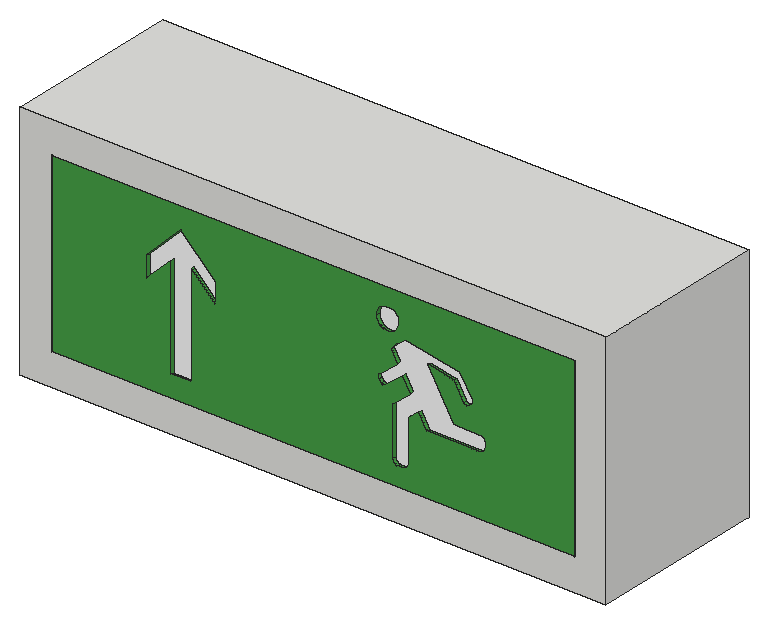
Revit family "T93052 Indus ERAP LED_Tak", category Lighting Fixtures, Revit 2016
Family settings
  Part Type = Normal
  Round Connector Dimension = Use Diameter
  OmniClass Number = 23.80.70.11.21
  OmniClass Title = Emergency Lighting
  Work Plane-Based = No
  Always vertical = Yes
  Cut with Voids When Loaded = No
  Light Source = Yes
  Shared = No
  Room Calculation Point = No
Parameters (values of type "MarkeringsLys (Opp)")
  Width = 112 mm  # constant formula
  Wattage Comments = "17 W"
  Wattage = 9.2903 W
  built-in parameter 1150110 = 1 (stored number, unit not read)
  Voltage = 230 V
  URL = ""
  Type Comments = "-UN"
  built-in parameter 1114217 = 1 (stored number, unit not read)
  Tilt Angle = 90.00°
  built-in parameter 1150109 = 1 (stored number, unit not read)
  built-in parameter 1150134 = 3
  Symbol Positive Direction [instance] = yes
  Symbol Offset Side [instance] = 0 mm
  Symbol Offset Out [instance] = 0 mm
  built-in parameter 1150113 = 1 (stored number, unit not read)
  Reference Line Out [instance] = 50 mm
  Photometric Web File = "20x42A12.ies"
  Number of Poles = 1
  NS8360 = "4431_WT2"
  Markeringslys normal = yes
  Markeringslys ikke normal = no
  MarkeringsLys Venstre = no
  MarkeringsLys Opp = yes
  MarkeringsLys Ned = no
  MarkeringsLys Høyre = no
  MarkeringsLys 45 Opp mot venstre = no
  MarkeringsLys 45 Opp mot høyre = no
  MarkeringsLys 45 Ned mot venstre = no
  MarkeringsLys 45 Ned mot høyre = no
  MarkeringsLys = yes
  built-in parameter 1150105 = 109.82 (stored number, unit not read)
  Lumens = 1380 lm
  built-in parameter 1150115 = 1 (stored number, unit not read)
  Load Classification [instance] = Other
  Model = ""
  Manufacturer = "Honeywell"
  built-in parameter 1150137 = (empty or 0)
  built-in parameter 1150139 = (empty or 0)
  Length 1 = Length - 40 mm  # 329 mm
  Length = 369 mm  # constant formula
  LedeLys = no
  built-in parameter 1150112 = 1 (stored number, unit not read)
  built-in parameter 1150114 = 1 (stored number, unit not read)
  Lamp = "1"
  Keynote = "WT2"
  built-in parameter 1150132 = (empty or 0)
  built-in parameter 1150102 = (empty or 0)
  built-in parameter 1150107 = 3200 (stored number, unit not read)
  built-in parameter 1150138 = (empty or 0)
  built-in parameter 1150106 = 1.0982 (stored number, unit not read)
  Height 2 = 0 mm  # constant formula
  Height 1 = Height - 40 mm  # 111 mm
  Height = 151 mm  # constant formula
  Emit from Rectangle Width = Height  # 151 mm
  Emit from Rectangle Length = Length  # 369 mm
  Emit Shape Visible in Rendering = no
  built-in parameter 1150104 = 13.8 (stored number, unit not read)
  Dimming Lamp Color Temperature Shift = <None>
  Description = ""
  Color Filter = 16777215
  Body Material and Colour = Steel
  built-in parameter 1114218 = 1 (stored number, unit not read)
  built-in parameter 1150133 = 10 (stored number, unit not read)
  Assembly Code = "4431"
  Apparent Load = 17 VA
Types (8, lengths in mm): name | Markeringslys normal | Markeringslys ikke normal | MarkeringsLys Venstre | MarkeringsLys Opp | MarkeringsLys Ned | MarkeringsLys Høyre | MarkeringsLys 45 Opp mot venstre | MarkeringsLys 45 Opp mot høyre | MarkeringsLys 45 Ned mot venstre | MarkeringsLys 45 Ned mot høyre
  MarkeringsLys (Ned) | yes | no | no | no | yes | no | no | no | no | no
  MarkeringsLys (Opp) | yes | no | no | yes | no | no | no | no | no | no
  MarkeringsLys (45 Ned mot høyre) | yes | no | no | no | no | no | no | no | no | yes
  MarkeringsLys (45 Ned mot venstre) | no | yes | no | no | no | no | no | no | yes | no
  MarkeringsLys (45 Opp mot høyre) | yes | no | no | no | no | no | no | yes | no | no
  MarkeringsLys (45 Opp mot venstre) | no | yes | no | no | no | no | yes | no | no | no
  MarkeringsLys (Høyre) | yes | no | no | no | no | yes | no | no | no | no
  MarkeringsLys (Venstre) | no | yes | yes | no | no | no | no | no | no | no
Reference planes
  plane 1 "Light Source Axis (F/B)": y = 119.961
  plane 2 "Top": z = 83
  plane 3 "Light Source Axis (L/R)": x = 0
  plane 4 "Level": z = 0
  plane 5: x = -184.5
  plane 6: x = 184.5
  plane 7: x = -164.5
  plane 8: x = 164.5
  plane 9: z = -75.5
  plane 10: z = 0
  plane 11: z = -151
  plane 12: z = -20
  plane 13: z = -131
  plane 14: y = 175.961
  plane 15: y = 63.961
  plane 16: y = 90.211
  plane 17: y = 149.711
Forms (mm)
  Extrusion 1, solid, material "Steel" <- "Body Material and Colour"
    sketch origin (0, 119.961, -31.25) x (1, 0, 0) y (0, 0, 1)
      loop
        line (-184.5, 31.25) -> (-184.5, -119.75) -> (184.5, -119.75) -> (184.5, 31.25) -> (-184.5, 31.25)
      loop
        line (-164.5, 11.25) -> (-164.5, -99.75) -> (164.5, -99.75) -> (164.5, 11.25) -> (-164.5, 11.25)
    from -56 to 56
  Extrusion 2, solid, material "Steel" <- "Body Material and Colour"
    sketch origin (0, 0, 0) x (0, 1, 0) y (0, 0, 1)
      loop
        line (173.961, 0) -> (65.961, 0) -> (65.961, -151) -> (173.961, -151) -> (173.961, 0)
    from -184.5 to 184.5
Cuts and joins
  joined: Extrusion 1, Extrusion 2
Lines and regions (mm)
  model lines, style "InvisibleLines"
    curve 1: line (0, 119.961, 0) -> (0, 169.961, 0)
  symbolic lines, style "InvisibleLines"
    curve 2: line (0, 119.961, 0) -> (0, 119.961, 60)
Dimensions and locks
  equal spacing: plane 5, plane 3 "Light Source Axis (L/R)", plane 6
  "Length": plane 5 to plane 6
  equal spacing: plane 7, plane 3 "Light Source Axis (L/R)", plane 8
  "Length 1": plane 7 to plane 8
  "Reference Line Out": plane 1 "Light Source Axis (F/B)" to curve 1
  "Height 2": plane 4 "Level" to plane 10
  "Emit from Rectangle Width": plane 10 to plane 11
  equal spacing: plane 10, plane 9, plane 11
  equal spacing: plane 12, plane 9, plane 13
  "Height 1": plane 12 to plane 13
  equal spacing: plane 14, plane 1 "Light Source Axis (F/B)", plane 15
  "Width": plane 14 to plane 15
  aligned and locked: plane 4 "Level" to level
  aligned and locked: Extrusion 1 sketch curve to plane 6
  aligned and locked: plane 5 to Extrusion 1 sketch curve
  aligned and locked: plane 7 to Extrusion 1 sketch curve
  aligned and locked: Extrusion 1 sketch curve to plane 8
  aligned and locked: plane 9 to imposter light
  aligned and locked: imposter light to plane 3 "Light Source Axis (L/R)"
  aligned and locked: plane 1 "Light Source Axis (F/B)" to curve 1
  aligned and locked: plane 3 "Light Source Axis (L/R)" to curve 1
  aligned and locked: Extrusion 1 to plane 11
  aligned and locked: plane 10 to Extrusion 1
  aligned and locked: nested 1 to plane 3 "Light Source Axis (L/R)"
  aligned and locked: Extrusion 1 to Extrusion 2 sketch curve
  aligned and locked: plane 3 "Light Source Axis (L/R)" to nested 3
  aligned and locked: nested 5 to plane 3 "Light Source Axis (L/R)"
  aligned and locked: nested 5 to plane 9
  aligned and locked: plane 3 "Light Source Axis (L/R)" to nested 4
  aligned and locked: plane 9 to nested 4
  aligned and locked: nested 7 to plane 3 "Light Source Axis (L/R)"
  aligned and locked: nested 7 to plane 9
  aligned and locked: plane 9 to nested 6
  aligned and locked: plane 3 "Light Source Axis (L/R)" to nested 6
  aligned and locked: nested 8 to plane 9
  aligned and locked: nested 8 to plane 3 "Light Source Axis (L/R)"
  aligned and locked: plane 9 to nested 3
  aligned and locked: plane 3 "Light Source Axis (L/R)" to nested 2
  aligned and locked: plane 9 to nested 2
  aligned and locked: plane 9 to nested 9
  aligned and locked: plane 3 "Light Source Axis (L/R)" to nested 9
  aligned and locked: nested 10 to plane 3 "Light Source Axis (L/R)"
  aligned and locked: nested 10 to plane 9
  aligned and locked: plane 9 to nested 11
  aligned and locked: nested 12 to plane 9
  aligned and locked: plane 3 "Light Source Axis (L/R)" to nested 11
  aligned and locked: nested 12 to plane 3 "Light Source Axis (L/R)"
  aligned and locked: nested 14 to plane 9
  aligned and locked: plane 9 to nested 13
  aligned and locked: plane 3 "Light Source Axis (L/R)" to nested 13
  aligned and locked: nested 14 to plane 3 "Light Source Axis (L/R)"
  aligned and locked: plane 3 "Light Source Axis (L/R)" to nested 15
  aligned and locked: nested 16 to plane 3 "Light Source Axis (L/R)"
  aligned and locked: nested 16 to plane 9
  aligned and locked: plane 9 to nested 15
  aligned and locked: plane 14 to cut or joined group of Extrusion 1, Extrusion 2
  aligned and locked: nested 15 to plane 15
  aligned and locked: nested 16 to plane 14
  aligned and locked: Extrusion 1 sketch curve to plane 12
  aligned and locked: Extrusion 1 sketch curve to plane 13
  aligned and locked: cut or joined group of Extrusion 1, Extrusion 2 to plane 15
  aligned and locked: imposter light to plane 14
  aligned and locked: nested 10 to plane 14
  aligned and locked: nested 9 to plane 15
  aligned and locked: nested 12 to plane 14
  aligned and locked: nested 11 to plane 15
  aligned and locked: nested 7 to plane 14
  aligned and locked: nested 4 to plane 15
  aligned and locked: nested 14 to plane 14
  aligned and locked: nested 13 to plane 15
  aligned and locked: nested 8 to plane 14
  aligned and locked: nested 6 to plane 15
  aligned and locked: nested 1 to plane 14
  aligned and locked: nested 2 to plane 15
  aligned and locked: nested 5 to plane 14
  aligned and locked: nested 3 to plane 15
  aligned and locked: nested 1 to plane 9
  aligned and locked: plane 6 to cut or joined group of Extrusion 1, Extrusion 2
  aligned and locked: cut or joined group of Extrusion 1, Extrusion 2 to plane 5
  aligned and locked: cut or joined group of Extrusion 1, Extrusion 2 to nested 16
  aligned and locked: cut or joined group of Extrusion 1, Extrusion 2 to nested 15
  aligned and locked: plane 3 "Light Source Axis (L/R)" to nested 17
  aligned and locked: plane 1 "Light Source Axis (F/B)" to nested 17
  aligned and locked: plane 3 "Light Source Axis (L/R)" to curve 2
  aligned and locked: level to curve 2
Automatic sketch dimensions
  Extrusion 1 sketch curve to plane 11 = 0 mm
  Extrusion 1 sketch curve to plane 10 = 0 mm
  Extrusion 2 sketch curve to plane 11 = 0 mm
  plane 1 "Light Source Axis (F/B)" to Extrusion 2 sketch curve = 54 mm
  Extrusion 2 sketch curve to plane 1 "Light Source Axis (F/B)" = 54 mm
  plane 2 "Top" to curve 2 = 23 mm
Nested families
  nested 1: "Formula 65_ned" at (0, 173.961, -75.5), type "Formula 65"
    with Ned no
  nested 2: "Formula 65_ned" at (0, 65.961, -75.5), visible <- "MarkeringsLys Ned", type "Formula 65"
    with Ned no
  nested 3: "Formula 65_opp" at (0, 65.961, -75.5), visible <- "MarkeringsLys Opp", type "Formula 65"
  nested 4: "Formula 65_skrått 45 grader ned mot venstre" at (0, 65.961, -75.5), type "Formula 65"
    with 45 ned mot venstre no
  nested 5: "Formula 65_opp" at (0, 173.961, -75.5), type "Formula 65"
  nested 6: "Formula 65_skrått 45 grader opp mot venstre" at (0, 65.961, -75.5), type "Formula 65"
    with 45 opp mot venstre no
  nested 7: "Formula 65_skrått 45 grader ned mot venstre" at (0, 173.961, -75.5), type "Formula 65"
    with 45 ned mot venstre no
  nested 8: "Formula 65_skrått 45 grader opp mot venstre" at (0, 173.961, -75.5), type "Formula 65"
    with 45 opp mot venstre no
  nested 9: "Formula 65_høyre" at (0, 65.961, -75.5), type "Formula 65"
    with Høyre no
  nested 10: "Formula 65_høyre" at (0, 173.961, -75.5), type "Formula 65"
    with Høyre no
  nested 11: "Formula 65_skrått 45 grader ned mot høyre" at (0, 65.961, -75.5), type "Formula 65"
    with 45 ned mot høyre no
  nested 12: "Formula 65_skrått 45 grader ned mot høyre" at (0, 173.961, -75.5), type "Formula 65"
    with 45 ned mot høyre no
  nested 13: "Formula 65_skrått 45 grader opp mot høyre" at (0, 65.961, -75.5), type "Formula 65"
    with 45 grader opp mot høyre no
  nested 14: "Formula 65_skrått 45 grader opp mot høyre" at (0, 173.961, -75.5), type "Formula 65"
    with 45 grader opp mot høyre no
  nested 15: "Formula 65_venstre" at (0, 65.961, -75.5), type "Formula 65"
    with Venstre no
  nested 16: "Formula 65_venstre" at (0, 173.961, -75.5), type "Formula 65"
    with Venstre no
  nested 17: "MarkeringslysDobbelS" at (0, 119.961, 0), visible <- "MarkeringsLys", type "Type 1"
Connectors
  electrical at (0, 119.961, 0), driven by "Number of Poles", driven by "Load Classification", driven by "Voltage", driven by "Apparent Load"
    settings: index 1, voltage 230 V, apparent load 0 VA, apparent load phase1 17 VA, apparent load phase2 0 VA, apparent load phase3 0 VA, power factor 1, load classification "Other", number of poles 1, system type 31, power factor state 1, is connector primary yes, connector utility no, sub classification motor no, connector description ""
Definition of nested family "Formula 65_opp"
  Parameters (values of type "Formula 65")
    Up = yes
    L = 205 mm
    H = 135 mm
  Reference planes
    plane 1 "Center (Front/Back)": y = 0
    plane 2: z = 0
    plane 3 "Center (Left/Right)": x = 0
    plane 4: y = -2
  Forms (mm)
    Extrusion 1, solid, visible <- "Up"
      sketch origin (453.48, 0, -265.275) x (1, 0, 0) y (0, 0, 1)
        loop
          line (-288.98, 320.775) -> (-617.98, 320.775) -> (-617.98, 209.775) -> (-288.98, 209.775) -> (-288.98, 320.775)
        loop
          circle (-406.257, 302.786) r 6.994
        loop
          line (-400.528, 290.483) -> (-404.175, 286.835) -> (-400.086, 279.752) -> (-411.699, 270.007)
          arc (-411.699, 270.007) -> (-412.384, 268.692) -> (-411.938, 267.277) r 1.937
          line (-411.938, 267.277) -> (-410.277, 265.298)
          arc (-410.277, 265.298) -> (-408.962, 264.614) -> (-407.548, 265.06) r 1.937
          line (-407.548, 265.06) -> (-396.807, 274.072) -> (-391.888, 265.554) -> (-403.17, 256.087) -> (-403.17, 225.258)
          arc (-403.17, 225.258) -> (-402.224, 222.974) -> (-399.941, 222.029) r 3.229
          line (-399.941, 222.029) -> (-396.712, 222.029)
          arc (-396.712, 222.029) -> (-394.429, 222.974) -> (-393.483, 225.258) r 3.229
          line (-393.483, 225.258) -> (-393.483, 251.57) -> (-386.97, 257.035) -> (-381.811, 248.099) -> (-348.276, 248.099)
          arc (-348.276, 248.099) -> (-345.993, 249.045) -> (-345.047, 251.328) r 3.229
          line (-345.047, 251.328) -> (-345.047, 254.557)
          arc (-345.047, 254.557) -> (-345.993, 256.84) -> (-348.276, 257.786) r 3.229
          line (-348.276, 257.786) -> (-365.032, 257.786) -> (-381.295, 285.955) -> (-364.492, 282.683) -> (-358.439, 272.199)
          arc (-358.439, 272.199) -> (-357.214, 271.284) -> (-355.706, 271.543) r 1.937
          line (-355.706, 271.543) -> (-353.469, 272.996)
          arc (-353.469, 272.996) -> (-352.629, 274.218) -> (-352.899, 275.676) r 1.937
          line (-352.899, 275.676) -> (-361.321, 288.645) -> (-394.921, 295.187) -> (-400.528, 290.483)
        loop
          line (-514.958, 285.425) -> (-536.607, 307.075) -> (-558.257, 285.425) -> (-558.257, 272.436) -> (-543.102, 287.59) -> (-543.102, 223.475) -> (-530.113, 223.475) -> (-530.113, 287.59) -> (-514.958, 272.436) -> (-514.958, 285.425)
      from 0 to 2
  Dimensions and locks
    aligned and locked: level to plane 2
Definition of nested family "Formula 65_ned"
  Parameters (values of type "Formula 65")
    Ned = yes
    L = 205 mm
    H = 135 mm
  Reference planes
    plane 1 "Center (Front/Back)": y = 0
    plane 2: z = 0
    plane 3 "Center (Left/Right)": x = 0
    plane 4: y = -2
  Forms (mm)
    Extrusion 1, solid, visible <- "Ned"
      sketch origin (453.48, 0, -265.275) x (1, 0, 0) y (0, 0, 1)
        loop
          line (-288.98, 320.775) -> (-617.98, 320.775) -> (-617.98, 209.775) -> (-288.98, 209.775) -> (-288.98, 320.775)
        loop
          line (-504.958, 245.124) -> (-504.958, 258.114) -> (-520.113, 242.959) -> (-520.113, 307.075) -> (-533.102, 307.075) -> (-533.102, 242.959) -> (-548.257, 258.114) -> (-548.257, 245.124) -> (-526.607, 223.475) -> (-504.958, 245.124)
        loop
          circle (-409.257, 302.786) r 6.994
        loop
          line (-403.528, 290.483) -> (-407.175, 286.835) -> (-403.086, 279.752) -> (-414.699, 270.007)
          arc (-414.699, 270.007) -> (-415.384, 268.692) -> (-414.938, 267.277) r 1.937
          line (-414.938, 267.277) -> (-413.277, 265.298)
          arc (-413.277, 265.298) -> (-411.962, 264.614) -> (-410.548, 265.06) r 1.937
          line (-410.548, 265.06) -> (-399.807, 274.072) -> (-394.888, 265.554) -> (-406.17, 256.087) -> (-406.17, 225.258)
          arc (-406.17, 225.258) -> (-405.224, 222.974) -> (-402.941, 222.029) r 3.229
          line (-402.941, 222.029) -> (-399.712, 222.029)
          arc (-399.712, 222.029) -> (-397.429, 222.974) -> (-396.483, 225.258) r 3.229
          line (-396.483, 225.258) -> (-396.483, 251.57) -> (-389.97, 257.035) -> (-384.811, 248.099) -> (-351.276, 248.099)
          arc (-351.276, 248.099) -> (-348.993, 249.045) -> (-348.047, 251.328) r 3.229
          line (-348.047, 251.328) -> (-348.047, 254.557)
          arc (-348.047, 254.557) -> (-348.993, 256.84) -> (-351.276, 257.786) r 3.229
          line (-351.276, 257.786) -> (-368.032, 257.786) -> (-384.295, 285.955) -> (-367.492, 282.683) -> (-361.439, 272.199)
          arc (-361.439, 272.199) -> (-360.214, 271.284) -> (-358.706, 271.543) r 1.937
          line (-358.706, 271.543) -> (-356.469, 272.996)
          arc (-356.469, 272.996) -> (-355.629, 274.218) -> (-355.899, 275.676) r 1.937
          line (-355.899, 275.676) -> (-364.321, 288.645) -> (-397.921, 295.187) -> (-403.528, 290.483)
      from 0 to 2
  Dimensions and locks
    aligned and locked: level to plane 2
Definition of nested family "Formula 65_skrått 45 grader ned mot venstre"
  Parameters (values of type "Formula 65")
    L = 205 mm
    H = 135 mm
    45 ned mot venstre = yes
  Reference planes
    plane 1 "Center (Front/Back)": y = 0
    plane 2: z = 0
    plane 3 "Center (Left/Right)": x = 0
    plane 4: y = -2
  Forms (mm)
    Extrusion 1, solid, visible <- "45 ned mot venstre"
      sketch origin (453.48, 0, -265.275) x (1, 0, 0) y (0, 0, 1)
        loop
          line (-288.98, 320.775) -> (-617.98, 320.775) -> (-617.98, 209.775) -> (-288.98, 209.775) -> (-288.98, 320.775)
        loop
          circle (-414.257, 302.786) r 6.994
        loop
          line (-408.528, 290.483) -> (-412.175, 286.835) -> (-408.086, 279.752) -> (-419.699, 270.007)
          arc (-419.699, 270.007) -> (-420.384, 268.692) -> (-419.938, 267.277) r 1.937
          line (-419.938, 267.277) -> (-418.277, 265.298)
          arc (-418.277, 265.298) -> (-416.962, 264.614) -> (-415.548, 265.06) r 1.937
          line (-415.548, 265.06) -> (-404.807, 274.072) -> (-399.888, 265.554) -> (-411.17, 256.087) -> (-411.17, 225.258)
          arc (-411.17, 225.258) -> (-410.224, 222.974) -> (-407.941, 222.029) r 3.229
          line (-407.941, 222.029) -> (-404.712, 222.029)
          arc (-404.712, 222.029) -> (-402.429, 222.974) -> (-401.483, 225.258) r 3.229
          line (-401.483, 225.258) -> (-401.483, 251.57) -> (-394.97, 257.035) -> (-389.811, 248.099) -> (-356.276, 248.099)
          arc (-356.276, 248.099) -> (-353.993, 249.045) -> (-353.047, 251.328) r 3.229
          line (-353.047, 251.328) -> (-353.047, 254.557)
          arc (-353.047, 254.557) -> (-353.993, 256.84) -> (-356.276, 257.786) r 3.229
          line (-356.276, 257.786) -> (-373.032, 257.786) -> (-389.295, 285.955) -> (-372.492, 282.683) -> (-366.439, 272.199)
          arc (-366.439, 272.199) -> (-365.214, 271.284) -> (-363.706, 271.543) r 1.937
          line (-363.706, 271.543) -> (-361.469, 272.996)
          arc (-361.469, 272.996) -> (-360.629, 274.218) -> (-360.899, 275.676) r 1.937
          line (-360.899, 275.676) -> (-369.321, 288.645) -> (-402.921, 295.187) -> (-408.528, 290.483)
        loop
          line (-561.157, 266.335) -> (-561.157, 235.718) -> (-530.54, 235.718) -> (-521.355, 244.903) -> (-542.786, 244.903) -> (-497.45, 290.239) -> (-506.635, 299.424) -> (-551.972, 254.088) -> (-551.972, 275.52) -> (-561.157, 266.335)
      from 0 to 2
  Dimensions and locks
    aligned and locked: level to plane 2
Definition of nested family "Formula 65_skrått 45 grader opp mot venstre"
  Parameters (values of type "Formula 65")
    L = 205 mm
    H = 135 mm
    45 opp mot venstre = yes
  Reference planes
    plane 1 "Center (Front/Back)": y = 0
    plane 2: z = 0
    plane 3 "Center (Left/Right)": x = 0
    plane 4: y = -2
  Forms (mm)
    Extrusion 1, solid, visible <- "45 opp mot venstre"
      sketch origin (453.48, 0, -265.275) x (1, 0, 0) y (0, 0, 1)
        loop
          line (-288.98, 320.775) -> (-617.98, 320.775) -> (-617.98, 209.775) -> (-288.98, 209.775) -> (-288.98, 320.775)
        loop
          circle (-416.914, 299.376) r 6.359
        loop
          line (-411.705, 288.191) -> (-415.021, 284.875) -> (-411.303, 278.435) -> (-421.861, 269.577)
          arc (-421.861, 269.577) -> (-422.483, 268.381) -> (-422.078, 267.095) r 1.761
          line (-422.078, 267.095) -> (-420.568, 265.296)
          arc (-420.568, 265.296) -> (-419.373, 264.674) -> (-418.087, 265.079) r 1.761
          line (-418.087, 265.079) -> (-408.323, 273.273) -> (-403.851, 265.528) -> (-414.107, 256.922) -> (-414.107, 228.896)
          arc (-414.107, 228.896) -> (-413.248, 226.82) -> (-411.172, 225.96) r 2.936
          line (-411.172, 225.96) -> (-408.236, 225.96)
          arc (-408.236, 225.96) -> (-406.161, 226.82) -> (-405.301, 228.896) r 2.936
          line (-405.301, 228.896) -> (-405.301, 252.816) -> (-399.38, 257.784) -> (-394.69, 249.66) -> (-364.203, 249.66)
          arc (-364.203, 249.66) -> (-362.128, 250.52) -> (-361.268, 252.596) r 2.936
          line (-361.268, 252.596) -> (-361.268, 255.531)
          arc (-361.268, 255.531) -> (-362.128, 257.607) -> (-364.203, 258.467) r 2.936
          line (-364.203, 258.467) -> (-379.437, 258.467) -> (-394.221, 284.075) -> (-378.945, 281.1) -> (-373.443, 271.57)
          arc (-373.443, 271.57) -> (-372.329, 270.738) -> (-370.958, 270.973) r 1.761
          line (-370.958, 270.973) -> (-368.924, 272.294)
          arc (-368.924, 272.294) -> (-368.161, 273.405) -> (-368.406, 274.731) r 1.761
          line (-368.406, 274.731) -> (-376.063, 286.52) -> (-406.608, 292.468) -> (-411.705, 288.191)
        loop
          line (-561.368, 264.311) -> (-553.018, 255.961) -> (-553.018, 275.445) -> (-511.803, 234.23) -> (-503.453, 242.58) -> (-544.668, 283.795) -> (-525.184, 283.795) -> (-533.534, 292.145) -> (-561.368, 292.145) -> (-561.368, 264.311)
      from 0 to 2
  Dimensions and locks
    aligned and locked: level to plane 2
Definition of nested family "Formula 65_høyre"
  Parameters (values of type "Formula 65")
    L = 205 mm
    Høyre = yes
    H = 135 mm
  Reference planes
    plane 1 "Center (Front/Back)": y = 0
    plane 2: z = 0
    plane 3 "Center (Left/Right)": x = 0
    plane 4: y = -2
  Forms (mm)
    Extrusion 1, solid, visible <- "Høyre"
      sketch origin (453.48, 0, -265.275) x (1, 0, 0) y (0, 0, 1)
        loop
          line (-288.98, 320.775) -> (-617.98, 320.775) -> (-617.98, 209.775) -> (-288.98, 209.775) -> (-288.98, 320.775)
        loop
          circle (-492.702, 302.786) r 6.994
        loop
          line (-498.431, 290.483) -> (-504.038, 295.187) -> (-537.638, 288.645) -> (-546.06, 275.676)
          arc (-546.06, 275.676) -> (-546.33, 274.218) -> (-545.49, 272.996) r 1.937
          line (-545.49, 272.996) -> (-543.253, 271.543)
          arc (-543.253, 271.543) -> (-541.745, 271.284) -> (-540.52, 272.199) r 1.937
          line (-540.52, 272.199) -> (-534.467, 282.683) -> (-517.664, 285.955) -> (-533.927, 257.786) -> (-550.683, 257.786)
          arc (-550.683, 257.786) -> (-552.967, 256.84) -> (-553.912, 254.557) r 3.229
          line (-553.912, 254.557) -> (-553.912, 251.328)
          arc (-553.912, 251.328) -> (-552.967, 249.045) -> (-550.683, 248.099) r 3.229
          line (-550.683, 248.099) -> (-517.148, 248.099) -> (-511.989, 257.035) -> (-505.476, 251.57) -> (-505.476, 225.258)
          arc (-505.476, 225.258) -> (-504.53, 222.974) -> (-502.247, 222.029) r 3.229
          line (-502.247, 222.029) -> (-499.018, 222.029)
          arc (-499.018, 222.029) -> (-496.735, 222.974) -> (-495.789, 225.258) r 3.229
          line (-495.789, 225.258) -> (-495.789, 256.087) -> (-507.071, 265.554) -> (-502.152, 274.072) -> (-491.411, 265.06)
          arc (-491.411, 265.06) -> (-489.997, 264.614) -> (-488.682, 265.298) r 1.937
          line (-488.682, 265.298) -> (-487.021, 267.277)
          arc (-487.021, 267.277) -> (-486.575, 268.692) -> (-487.26, 270.007) r 1.937
          line (-487.26, 270.007) -> (-498.873, 279.752) -> (-494.784, 286.835) -> (-498.431, 290.483)
        loop
          line (-365.109, 286.924) -> (-378.099, 286.924) -> (-362.944, 271.77) -> (-427.06, 271.77) -> (-427.06, 258.78) -> (-362.944, 258.78) -> (-378.099, 243.625) -> (-365.109, 243.625) -> (-343.46, 265.275) -> (-365.109, 286.924)
      from 0 to 2
  Dimensions and locks
    aligned and locked: level to plane 2
Definition of nested family "Formula 65_skrått 45 grader ned mot høyre"
  Parameters (values of type "Formula 65")
    L = 205 mm
    H = 135 mm
    45 ned mot høyre = yes
  Reference planes
    plane 1 "Center (Front/Back)": y = 0
    plane 2: z = 0
    plane 3 "Center (Left/Right)": x = 0
    plane 4: y = -2
  Forms (mm)
    Extrusion 1, solid, visible <- "45 ned mot høyre"
      sketch origin (453.48, 0, -265.275) x (1, 0, 0) y (0, 0, 1)
        loop
          line (-288.98, 320.775) -> (-617.98, 320.775) -> (-617.98, 209.775) -> (-288.98, 209.775) -> (-288.98, 320.775)
        loop
          circle (-492.702, 302.786) r 6.994
        loop
          line (-498.431, 290.483) -> (-504.038, 295.187) -> (-537.638, 288.645) -> (-546.06, 275.676)
          arc (-546.06, 275.676) -> (-546.33, 274.218) -> (-545.49, 272.996) r 1.937
          line (-545.49, 272.996) -> (-543.253, 271.543)
          arc (-543.253, 271.543) -> (-541.745, 271.284) -> (-540.52, 272.199) r 1.937
          line (-540.52, 272.199) -> (-534.467, 282.683) -> (-517.664, 285.955) -> (-533.927, 257.786) -> (-550.683, 257.786)
          arc (-550.683, 257.786) -> (-552.967, 256.84) -> (-553.912, 254.557) r 3.229
          line (-553.912, 254.557) -> (-553.912, 251.328)
          arc (-553.912, 251.328) -> (-552.967, 249.045) -> (-550.683, 248.099) r 3.229
          line (-550.683, 248.099) -> (-517.148, 248.099) -> (-511.989, 257.035) -> (-505.476, 251.57) -> (-505.476, 225.258)
          arc (-505.476, 225.258) -> (-504.53, 222.974) -> (-502.247, 222.029) r 3.229
          line (-502.247, 222.029) -> (-499.018, 222.029)
          arc (-499.018, 222.029) -> (-496.735, 222.974) -> (-495.789, 225.258) r 3.229
          line (-495.789, 225.258) -> (-495.789, 256.087) -> (-507.071, 265.554) -> (-502.152, 274.072) -> (-491.411, 265.06)
          arc (-491.411, 265.06) -> (-489.997, 264.614) -> (-488.682, 265.298) r 1.937
          line (-488.682, 265.298) -> (-487.021, 267.277)
          arc (-487.021, 267.277) -> (-486.575, 268.692) -> (-487.26, 270.007) r 1.937
          line (-487.26, 270.007) -> (-498.873, 279.752) -> (-494.784, 286.835) -> (-498.431, 290.483)
        loop
          line (-350.202, 266.335) -> (-359.388, 275.52) -> (-359.388, 254.088) -> (-404.724, 299.424) -> (-413.909, 290.239) -> (-368.573, 244.903) -> (-390.004, 244.903) -> (-380.819, 235.718) -> (-350.202, 235.718) -> (-350.202, 266.335)
      from 0 to 2
  Dimensions and locks
    aligned and locked: level to plane 2
Definition of nested family "Formula 65_skrått 45 grader opp mot høyre"
  Parameters (values of type "Formula 65")
    L = 205 mm
    H = 135 mm
    45 grader opp mot høyre = yes
  Reference planes
    plane 1 "Center (Front/Back)": y = 0
    plane 2: z = 0
    plane 3 "Center (Left/Right)": x = 0
    plane 4: y = -2
  Forms (mm)
    Extrusion 1, solid, visible <- "45 grader opp mot høyre"
      sketch origin (453.48, 0, -265.275) x (1, 0, 0) y (0, 0, 1)
        loop
          line (-288.98, 320.775) -> (-617.98, 320.775) -> (-617.98, 209.775) -> (-288.98, 209.775) -> (-288.98, 320.775)
        loop
          circle (-504.702, 302.786) r 6.994
        loop
          line (-510.431, 290.483) -> (-516.038, 295.187) -> (-549.638, 288.645) -> (-558.06, 275.676)
          arc (-558.06, 275.676) -> (-558.33, 274.218) -> (-557.49, 272.996) r 1.937
          line (-557.49, 272.996) -> (-555.253, 271.543)
          arc (-555.253, 271.543) -> (-553.745, 271.284) -> (-552.52, 272.199) r 1.937
          line (-552.52, 272.199) -> (-546.467, 282.683) -> (-529.664, 285.955) -> (-545.927, 257.786) -> (-562.683, 257.786)
          arc (-562.683, 257.786) -> (-564.967, 256.84) -> (-565.912, 254.557) r 3.229
          line (-565.912, 254.557) -> (-565.912, 251.328)
          arc (-565.912, 251.328) -> (-564.967, 249.045) -> (-562.683, 248.099) r 3.229
          line (-562.683, 248.099) -> (-529.148, 248.099) -> (-523.989, 257.035) -> (-517.476, 251.57) -> (-517.476, 225.258)
          arc (-517.476, 225.258) -> (-516.53, 222.974) -> (-514.247, 222.029) r 3.229
          line (-514.247, 222.029) -> (-511.018, 222.029)
          arc (-511.018, 222.029) -> (-508.735, 222.974) -> (-507.789, 225.258) r 3.229
          line (-507.789, 225.258) -> (-507.789, 256.087) -> (-519.071, 265.554) -> (-514.152, 274.072) -> (-503.411, 265.06)
          arc (-503.411, 265.06) -> (-501.997, 264.614) -> (-500.682, 265.298) r 1.937
          line (-500.682, 265.298) -> (-499.021, 267.277)
          arc (-499.021, 267.277) -> (-498.575, 268.692) -> (-499.26, 270.007) r 1.937
          line (-499.26, 270.007) -> (-510.873, 279.752) -> (-506.784, 286.835) -> (-510.431, 290.483)
        loop
          line (-345.202, 264.215) -> (-345.202, 294.832) -> (-375.819, 294.832) -> (-385.004, 285.647) -> (-363.573, 285.647) -> (-408.909, 240.31) -> (-399.724, 231.125) -> (-354.388, 276.462) -> (-354.388, 255.03) -> (-345.202, 264.215)
      from 0 to 2
  Dimensions and locks
    aligned and locked: level to plane 2
Definition of nested family "Formula 65_venstre"
  Parameters (values of type "Formula 65")
    Venstre = yes
    L = 205 mm
    H = 135 mm
  Reference planes
    plane 1 "Center (Front/Back)": y = 0
    plane 2: z = 0
    plane 3 "Center (Left/Right)": x = 0
    plane 4: y = -2
  Forms (mm)
    Extrusion 1, solid, visible <- "Venstre"
      sketch origin (453.48, 0, -265.275) x (1, 0, 0) y (0, 0, 1)
        loop
          line (-288.98, 320.775) -> (-617.98, 320.775) -> (-617.98, 209.775) -> (-288.98, 209.775) -> (-288.98, 320.775)
        loop
          circle (-412.257, 302.786) r 6.994
        loop
          line (-406.528, 290.483) -> (-410.175, 286.835) -> (-406.086, 279.752) -> (-417.699, 270.007)
          arc (-417.699, 270.007) -> (-418.384, 268.692) -> (-417.938, 267.277) r 1.937
          line (-417.938, 267.277) -> (-416.277, 265.298)
          arc (-416.277, 265.298) -> (-414.962, 264.614) -> (-413.548, 265.06) r 1.937
          line (-413.548, 265.06) -> (-402.807, 274.072) -> (-397.888, 265.554) -> (-409.17, 256.087) -> (-409.17, 225.258)
          arc (-409.17, 225.258) -> (-408.224, 222.974) -> (-405.941, 222.029) r 3.229
          line (-405.941, 222.029) -> (-402.712, 222.029)
          arc (-402.712, 222.029) -> (-400.429, 222.974) -> (-399.483, 225.258) r 3.229
          line (-399.483, 225.258) -> (-399.483, 251.57) -> (-392.97, 257.035) -> (-387.811, 248.099) -> (-354.276, 248.099)
          arc (-354.276, 248.099) -> (-351.993, 249.045) -> (-351.047, 251.328) r 3.229
          line (-351.047, 251.328) -> (-351.047, 254.557)
          arc (-351.047, 254.557) -> (-351.993, 256.84) -> (-354.276, 257.786) r 3.229
          line (-354.276, 257.786) -> (-371.032, 257.786) -> (-387.295, 285.955) -> (-370.492, 282.683) -> (-364.439, 272.199)
          arc (-364.439, 272.199) -> (-363.214, 271.284) -> (-361.706, 271.543) r 1.937
          line (-361.706, 271.543) -> (-359.469, 272.996)
          arc (-359.469, 272.996) -> (-358.629, 274.218) -> (-358.899, 275.676) r 1.937
          line (-358.899, 275.676) -> (-367.321, 288.645) -> (-400.921, 295.187) -> (-406.528, 290.483)
        loop
          line (-541.85, 286.924) -> (-563.5, 265.275) -> (-541.85, 243.625) -> (-528.86, 243.625) -> (-544.015, 258.78) -> (-479.9, 258.78) -> (-479.9, 271.77) -> (-544.015, 271.77) -> (-528.86, 286.924) -> (-541.85, 286.924)
      from 0 to 2
  Dimensions and locks
    aligned and locked: level to plane 2
Definition of nested family "MarkeringslysDobbelS"
  Parameters (values of type "Type 1")
    Venstre opp 45 = no
    Venstre ned 45 = no
    Venstre = no
    Opp = yes
    Normal = yes
    Ned = no
    Ikke normal = no
    Høyre opp 45 = no
    Høyre ned 45 = no
    Høyre = no
    CQ Symbol Positive Direction = yes
    CQ Symbol Negative Direction = not(CQ Symbol Positive Direction)  # no
    CQ Symbol Offset Side = 0 mm
    CQ Symbol Offset Out = 0 mm
  Reference planes
    plane 1: y = 0
    plane 2: x = 0
  Dimensions and locks
    "CQ Symbol Offset Out": plane 1 to nested 1
    "CQ Symbol Offset Out": plane 1 to nested 2
    "CQ Symbol Offset Side": plane 2 to nested 2
    "CQ Symbol Offset Side": nested 1 to plane 2
  Nested families
    nested 1: "Markeringslys dobbel" at (0, 0, 0), visible <- "CQ Symbol Negative Direction", type "Type 1"
    nested 2: "Markeringslys dobbel" at (0, 0, 0), visible <- "CQ Symbol Positive Direction", type "Type 1"
  Definition of nested family "Markeringslys dobbel"
    Parameters (values of type "Type 1")
      Venstre opp 45 = no
      Venstre ned 45 = no
      Venstre = no
      Opp = yes
      Normal = yes
      Ned = no
      Ikke normal = no
      Høyre opp 45 = no
      Høyre ned 45 = no
      Høyre = no
    Reference planes
      plane 1: y = 0
      plane 2: x = 0
    Lines and regions (mm)
      detail lines
        curve 1: line (4, -4, 0) -> (-4, -4, 0)
        curve 2: line (-4, -4, 0) -> (-4, 0, 0)
        curve 3: line (-4, 0, 0) -> (4, 0, 0)
        curve 4: line (4, 0, 0) -> (4, -4, 0)
        curve 45: line (-4, 4, 0) -> (4, 4, 0)
        curve 46: line (4, 4, 0) -> (4, 0, 0)
        curve 47: line (4, 0, 0) -> (-4, 0, 0)
        curve 48: line (-4, 0, 0) -> (-4, 4, 0)
        curve 58: circle (1.212, 0.614, 0) r 0.3 normal (0, 0, -1)
      detail lines, visible <- "Ned"
        curve 5: line (2.346, -0.5, 0) -> (1.646, -0.5, 0)
        curve 6: line (2.346, -0.5, 0) -> (2.346, -2.584, 0)
        curve 7: line (1.646, -0.5, 0) -> (1.646, -2.584, 0)
        curve 8: line (1.996, -3.5, 0) -> (2.996, -2.5, 0)
        curve 9: line (2.996, -2.5, 0) -> (2.996, -1.934, 0)
        curve 10: line (2.996, -1.934, 0) -> (2.346, -2.584, 0)
        curve 11: line (1.996, -3.5, 0) -> (0.996, -2.5, 0)
        curve 12: line (0.996, -2.5, 0) -> (0.996, -1.934, 0)
        curve 13: line (0.996, -1.934, 0) -> (1.646, -2.584, 0)
        curve 49: line (-2.346, 0.5, 0) -> (-1.646, 0.5, 0)
        curve 50: line (-2.346, 0.5, 0) -> (-2.346, 2.584, 0)
        curve 51: line (-1.646, 0.5, 0) -> (-1.646, 2.584, 0)
        curve 52: line (-1.996, 3.5, 0) -> (-2.996, 2.5, 0)
        curve 53: line (-2.996, 2.5, 0) -> (-2.996, 1.934, 0)
        curve 54: line (-2.996, 1.934, 0) -> (-2.346, 2.584, 0)
        curve 55: line (-1.996, 3.5, 0) -> (-0.996, 2.5, 0)
        curve 56: line (-0.996, 2.5, 0) -> (-0.996, 1.934, 0)
        curve 57: line (-0.996, 1.934, 0) -> (-1.646, 2.584, 0)
      detail lines, visible <- "Normal"
        curve 14: circle (-1.212, -0.614, 0) r 0.3 normal (0, 0, -1)
        curve 15: line (-0.986, -3.7, 0) -> (-1.395, -3.7, 0)
        curve 16: line (-0.986, -3.7, 0) -> (-1.823, -2.308, 0)
        curve 17: line (-1.823, -2.308, 0) -> (-1.461, -1.495, 0)
        curve 18: line (-1.069, -2.147, 0) -> (-1.461, -1.495, 0)
        curve 19: line (-1.069, -2.147, 0) -> (-0.487, -2.147, 0)
        curve 20: line (-0.487, -2.147, 0) -> (-0.487, -1.847, 0)
        curve 21: line (-0.487, -1.847, 0) -> (-0.899, -1.847, 0)
        curve 22: line (-0.899, -1.847, 0) -> (-1.307, -1.169, 0)
        curve 23: line (-1.395, -3.7, 0) -> (-2.104, -2.518, 0)
        curve 24: line (-1.307, -1.169, 0) -> (-1.753, -0.97, 0)
        curve 25: line (-1.753, -0.97, 0) -> (-2.625, -0.97, 0)
        curve 26: line (-2.625, -0.97, 0) -> (-2.99, -1.627, 0)
        curve 27: line (-2.99, -1.627, 0) -> (-2.769, -1.848, 0)
        curve 28: line (-2.769, -1.848, 0) -> (-2.457, -1.285, 0)
        curve 29: line (-2.104, -2.518, 0) -> (-2.259, -3.229, 0)
        curve 30: line (-2.259, -3.229, 0) -> (-3.557, -3.229, 0)
        curve 31: line (-3.557, -3.229, 0) -> (-3.457, -2.879, 0)
        curve 32: line (-3.457, -2.879, 0) -> (-2.541, -2.879, 0)
        curve 33: line (-2.541, -2.879, 0) -> (-2.4, -2.23, 0)
        curve 34: line (-2.4, -2.23, 0) -> (-2.021, -1.38, 0)
        curve 35: line (-2.021, -1.38, 0) -> (-2.457, -1.285, 0)
        curve 59: line (0.986, 3.7, 0) -> (1.395, 3.7, 0)
        curve 60: line (0.986, 3.7, 0) -> (1.823, 2.308, 0)
        curve 61: line (1.823, 2.308, 0) -> (1.461, 1.495, 0)
        curve 62: line (1.069, 2.147, 0) -> (1.461, 1.495, 0)
        curve 63: line (1.069, 2.147, 0) -> (0.487, 2.147, 0)
        curve 64: line (0.487, 2.147, 0) -> (0.487, 1.847, 0)
        curve 65: line (0.487, 1.847, 0) -> (0.899, 1.847, 0)
        curve 66: line (0.899, 1.847, 0) -> (1.307, 1.169, 0)
        curve 67: line (1.395, 3.7, 0) -> (2.104, 2.518, 0)
        curve 68: line (1.307, 1.169, 0) -> (1.753, 0.97, 0)
        curve 69: line (1.753, 0.97, 0) -> (2.625, 0.97, 0)
        curve 70: line (2.625, 0.97, 0) -> (2.99, 1.627, 0)
        curve 71: line (2.99, 1.627, 0) -> (2.769, 1.848, 0)
        curve 72: line (2.769, 1.848, 0) -> (2.457, 1.285, 0)
        curve 73: line (2.104, 2.518, 0) -> (2.259, 3.229, 0)
        curve 74: line (2.259, 3.229, 0) -> (3.557, 3.229, 0)
        curve 75: line (3.557, 3.229, 0) -> (3.457, 2.879, 0)
        curve 76: line (3.457, 2.879, 0) -> (2.541, 2.879, 0)
        curve 77: line (2.541, 2.879, 0) -> (2.4, 2.23, 0)
        curve 78: line (2.4, 2.23, 0) -> (2.021, 1.38, 0)
        curve 79: line (2.021, 1.38, 0) -> (2.457, 1.285, 0)
      detail lines, visible <- "Opp"
        curve 36: line (1.646, -3.5, 0) -> (2.346, -3.5, 0)
        curve 37: line (1.646, -3.5, 0) -> (1.646, -1.416, 0)
        curve 38: line (2.346, -3.5, 0) -> (2.346, -1.416, 0)
        curve 39: line (1.996, -0.5, 0) -> (0.996, -1.5, 0)
        curve 40: line (0.996, -1.5, 0) -> (0.996, -2.066, 0)
        curve 41: line (0.996, -2.066, 0) -> (1.646, -1.416, 0)
        curve 42: line (1.996, -0.5, 0) -> (2.996, -1.5, 0)
        curve 43: line (2.996, -1.5, 0) -> (2.996, -2.066, 0)
        curve 44: line (2.996, -2.066, 0) -> (2.346, -1.416, 0)
        curve 80: line (-1.646, 3.5, 0) -> (-2.346, 3.5, 0)
        curve 81: line (-1.646, 3.5, 0) -> (-1.646, 1.416, 0)
        curve 82: line (-2.346, 3.5, 0) -> (-2.346, 1.416, 0)
        curve 83: line (-1.996, 0.5, 0) -> (-0.996, 1.5, 0)
        curve 84: line (-0.996, 1.5, 0) -> (-0.996, 2.066, 0)
        curve 85: line (-0.996, 2.066, 0) -> (-1.646, 1.416, 0)
        curve 86: line (-1.996, 0.5, 0) -> (-2.996, 1.5, 0)
        curve 87: line (-2.996, 1.5, 0) -> (-2.996, 2.066, 0)
        curve 88: line (-2.996, 2.066, 0) -> (-2.346, 1.416, 0)
      detail lines, visible <- "Høyre"
        curve 89: line (0.496, -1.65, 0) -> (0.496, -2.35, 0)
        curve 90: line (0.496, -1.65, 0) -> (2.58, -1.65, 0)
        curve 91: line (0.496, -2.35, 0) -> (2.58, -2.35, 0)
        curve 92: line (3.496, -2, 0) -> (2.496, -1, 0)
        curve 93: line (2.496, -1, 0) -> (1.93, -1, 0)
        curve 94: line (1.93, -1, 0) -> (2.58, -1.65, 0)
        curve 95: line (3.496, -2, 0) -> (2.496, -3, 0)
        curve 96: line (2.496, -3, 0) -> (1.93, -3, 0)
        curve 97: line (1.93, -3, 0) -> (2.58, -2.35, 0)
        curve 100: line (-0.496, 1.65, 0) -> (-0.496, 2.35, 0)
        curve 101: line (-0.496, 1.65, 0) -> (-2.58, 1.65, 0)
        curve 102: line (-0.496, 2.35, 0) -> (-2.58, 2.35, 0)
        curve 103: line (-3.496, 2, 0) -> (-2.466, 0.97, 0)
        curve 104: line (-2.496, 1, 0) -> (-1.93, 1, 0)
        curve 105: line (-1.93, 1, 0) -> (-2.58, 1.65, 0)
        curve 106: line (-3.496, 2, 0) -> (-2.496, 3, 0)
        curve 107: line (-2.496, 3, 0) -> (-1.93, 3, 0)
        curve 108: line (-1.93, 3, 0) -> (-2.58, 2.35, 0)
      detail lines, visible <- "Venstre"
        curve 98: line (-1.496, 1, 0) -> (-2.062, 1, 0)
        curve 99: line (-2.062, 1, 0) -> (-1.412, 1.65, 0)
        curve 131: line (-0.409, -1.65, 0) -> (-0.409, -2.35, 0)
        curve 132: line (-0.409, -1.65, 0) -> (-2.493, -1.65, 0)
        curve 133: line (-0.409, -2.35, 0) -> (-2.493, -2.35, 0)
        curve 134: line (-3.409, -2, 0) -> (-2.409, -1, 0)
        curve 135: line (-2.409, -1, 0) -> (-1.843, -1, 0)
        curve 136: line (-1.843, -1, 0) -> (-2.493, -1.65, 0)
        curve 137: line (-3.409, -2, 0) -> (-2.409, -3, 0)
        curve 138: line (-2.409, -3, 0) -> (-1.843, -3, 0)
        curve 139: line (-1.843, -3, 0) -> (-2.493, -2.35, 0)
        curve 162: line (0.409, 1.65, 0) -> (0.409, 2.35, 0)
        curve 163: line (0.409, 1.65, 0) -> (2.493, 1.65, 0)
        curve 164: line (0.409, 2.35, 0) -> (2.493, 2.35, 0)
        curve 165: line (3.409, 2, 0) -> (2.409, 1, 0)
        curve 166: line (2.409, 1, 0) -> (1.843, 1, 0)
        curve 167: line (1.843, 1, 0) -> (2.493, 1.65, 0)
        curve 168: line (3.409, 2, 0) -> (2.409, 3, 0)
        curve 169: line (2.409, 3, 0) -> (1.843, 3, 0)
        curve 170: line (1.843, 3, 0) -> (2.493, 2.35, 0)
      detail lines, visible <- "Ikke normal"
        curve 109: circle (1.299, -0.614, 0) r 0.3 normal (0, 0, 1)
        curve 110: line (1.073, -3.7, 0) -> (1.482, -3.7, 0)
        curve 111: line (1.073, -3.7, 0) -> (1.91, -2.308, 0)
        curve 112: line (1.91, -2.308, 0) -> (1.548, -1.495, 0)
        curve 113: line (1.156, -2.147, 0) -> (1.548, -1.495, 0)
        curve 114: line (1.156, -2.147, 0) -> (0.574, -2.147, 0)
        curve 115: line (0.574, -2.147, 0) -> (0.574, -1.847, 0)
        curve 116: line (0.574, -1.847, 0) -> (0.986, -1.847, 0)
        curve 117: line (0.986, -1.847, 0) -> (1.394, -1.169, 0)
        curve 118: line (1.482, -3.7, 0) -> (2.192, -2.518, 0)
        curve 119: line (1.394, -1.169, 0) -> (1.84, -0.97, 0)
        curve 120: line (1.84, -0.97, 0) -> (2.713, -0.97, 0)
        curve 121: line (2.713, -0.97, 0) -> (3.077, -1.627, 0)
        curve 122: line (3.077, -1.627, 0) -> (2.856, -1.848, 0)
        curve 123: line (2.856, -1.848, 0) -> (2.544, -1.285, 0)
        curve 124: line (2.192, -2.518, 0) -> (2.346, -3.229, 0)
        curve 125: line (2.346, -3.229, 0) -> (3.644, -3.229, 0)
        curve 126: line (3.644, -3.229, 0) -> (3.544, -2.879, 0)
        curve 127: line (3.544, -2.879, 0) -> (2.628, -2.879, 0)
        curve 128: line (2.628, -2.879, 0) -> (2.487, -2.23, 0)
        curve 129: line (2.487, -2.23, 0) -> (2.108, -1.38, 0)
        curve 130: line (2.108, -1.38, 0) -> (2.544, -1.285, 0)
        curve 140: circle (-1.299, 0.614, 0) r 0.3 normal (0, 0, 1)
        curve 141: line (-1.073, 3.7, 0) -> (-1.482, 3.7, 0)
        curve 142: line (-1.073, 3.7, 0) -> (-1.91, 2.308, 0)
        curve 143: line (-1.91, 2.308, 0) -> (-1.548, 1.495, 0)
        curve 144: line (-1.156, 2.147, 0) -> (-1.548, 1.495, 0)
        curve 145: line (-1.156, 2.147, 0) -> (-0.574, 2.147, 0)
        curve 146: line (-0.574, 2.147, 0) -> (-0.574, 1.847, 0)
        curve 147: line (-0.574, 1.847, 0) -> (-0.986, 1.847, 0)
        curve 148: line (-0.986, 1.847, 0) -> (-1.394, 1.169, 0)
        curve 149: line (-1.482, 3.7, 0) -> (-2.192, 2.518, 0)
        curve 150: line (-1.394, 1.169, 0) -> (-1.84, 0.97, 0)
        curve 151: line (-1.84, 0.97, 0) -> (-2.713, 0.97, 0)
        curve 152: line (-2.713, 0.97, 0) -> (-3.077, 1.627, 0)
        curve 153: line (-3.077, 1.627, 0) -> (-2.856, 1.848, 0)
        curve 154: line (-2.856, 1.848, 0) -> (-2.544, 1.285, 0)
        curve 155: line (-2.192, 2.518, 0) -> (-2.346, 3.229, 0)
        curve 156: line (-2.346, 3.229, 0) -> (-3.644, 3.229, 0)
        curve 157: line (-3.644, 3.229, 0) -> (-3.544, 2.879, 0)
        curve 158: line (-3.544, 2.879, 0) -> (-2.628, 2.879, 0)
        curve 159: line (-2.628, 2.879, 0) -> (-2.487, 2.23, 0)
        curve 160: line (-2.487, 2.23, 0) -> (-2.108, 1.38, 0)
        curve 161: line (-2.108, 1.38, 0) -> (-2.544, 1.285, 0)
      detail lines, visible <- "Venstre opp 45"
        curve 171: line (0.601, 2.813, 0) -> (1.096, 3.308, 0)
        curve 172: line (0.601, 2.813, 0) -> (2.075, 1.339, 0)
        curve 173: line (1.096, 3.308, 0) -> (2.57, 1.834, 0)
        curve 174: line (2.97, 0.939, 0) -> (1.556, 0.939, 0)
        curve 175: line (1.556, 0.939, 0) -> (1.156, 1.339, 0)
        curve 176: line (1.156, 1.339, 0) -> (2.075, 1.339, 0)
        curve 177: line (2.97, 0.939, 0) -> (2.97, 2.354, 0)
        curve 178: line (2.97, 2.354, 0) -> (2.57, 2.754, 0)
        curve 179: line (2.57, 2.754, 0) -> (2.57, 1.834, 0)
        curve 189: line (-0.601, -2.813, 0) -> (-1.096, -3.308, 0)
        curve 190: line (-0.601, -2.813, 0) -> (-2.075, -1.339, 0)
        curve 191: line (-1.096, -3.308, 0) -> (-2.57, -1.834, 0)
        curve 192: line (-2.97, -0.939, 0) -> (-1.556, -0.939, 0)
        curve 193: line (-1.556, -0.939, 0) -> (-1.156, -1.339, 0)
        curve 194: line (-1.156, -1.339, 0) -> (-2.075, -1.339, 0)
        curve 195: line (-2.97, -0.939, 0) -> (-2.97, -2.354, 0)
        curve 196: line (-2.97, -2.354, 0) -> (-2.57, -2.754, 0)
        curve 197: line (-2.57, -2.754, 0) -> (-2.57, -1.834, 0)
      detail lines, visible <- "Venstre ned 45"
        curve 180: line (-1.096, -0.939, 0) -> (-0.601, -1.434, 0)
        curve 181: line (-1.096, -0.939, 0) -> (-2.57, -2.413, 0)
        curve 182: line (-0.601, -1.434, 0) -> (-2.075, -2.908, 0)
        curve 183: line (-2.97, -3.308, 0) -> (-2.97, -1.894, 0)
        curve 184: line (-2.97, -1.894, 0) -> (-2.57, -1.494, 0)
        curve 185: line (-2.57, -1.494, 0) -> (-2.57, -2.413, 0)
        curve 186: line (-2.97, -3.308, 0) -> (-1.556, -3.308, 0)
        curve 187: line (-1.556, -3.308, 0) -> (-1.156, -2.908, 0)
        curve 188: line (-1.156, -2.908, 0) -> (-2.075, -2.908, 0)
        curve 198: line (1.096, 0.939, 0) -> (0.601, 1.434, 0)
        curve 199: line (1.096, 0.939, 0) -> (2.57, 2.413, 0)
        curve 200: line (0.601, 1.434, 0) -> (2.075, 2.908, 0)
        curve 201: line (2.97, 3.308, 0) -> (2.97, 1.894, 0)
        curve 202: line (2.97, 1.894, 0) -> (2.57, 1.494, 0)
        curve 203: line (2.57, 1.494, 0) -> (2.57, 2.413, 0)
        curve 204: line (2.97, 3.308, 0) -> (1.556, 3.308, 0)
        curve 205: line (1.556, 3.308, 0) -> (1.156, 2.908, 0)
        curve 206: line (1.156, 2.908, 0) -> (2.075, 2.908, 0)
      detail lines, visible <- "Høyre ned 45"
        curve 207: line (1.18, -0.517, 0) -> (0.685, -1.012, 0)
        curve 208: line (1.18, -0.517, 0) -> (2.654, -1.991, 0)
        curve 209: line (0.685, -1.012, 0) -> (2.159, -2.486, 0)
        curve 210: line (3.054, -2.886, 0) -> (3.054, -1.472, 0)
        curve 211: line (3.054, -1.472, 0) -> (2.654, -1.072, 0)
        curve 212: line (2.654, -1.072, 0) -> (2.654, -1.991, 0)
        curve 213: line (3.054, -2.886, 0) -> (1.64, -2.886, 0)
        curve 214: line (1.64, -2.886, 0) -> (1.24, -2.486, 0)
        curve 215: line (1.24, -2.486, 0) -> (2.159, -2.486, 0)
        curve 225: line (-1.18, 0.517, 0) -> (-0.685, 1.012, 0)
        curve 226: line (-1.18, 0.517, 0) -> (-2.654, 1.991, 0)
        curve 227: line (-0.685, 1.012, 0) -> (-2.159, 2.486, 0)
        curve 228: line (-3.054, 2.886, 0) -> (-3.054, 1.472, 0)
        curve 229: line (-3.054, 1.472, 0) -> (-2.654, 1.072, 0)
        curve 230: line (-2.654, 1.072, 0) -> (-2.654, 1.991, 0)
        curve 231: line (-3.054, 2.886, 0) -> (-1.64, 2.886, 0)
        curve 232: line (-1.64, 2.886, 0) -> (-1.24, 2.486, 0)
        curve 233: line (-1.24, 2.486, 0) -> (-2.159, 2.486, 0)
      detail lines, visible <- "Høyre opp 45"
        curve 216: line (0.685, -2.391, 0) -> (1.18, -2.886, 0)
        curve 217: line (0.685, -2.391, 0) -> (2.159, -0.917, 0)
        curve 218: line (1.18, -2.886, 0) -> (2.654, -1.412, 0)
        curve 219: line (3.054, -0.517, 0) -> (1.64, -0.517, 0)
        curve 220: line (1.64, -0.517, 0) -> (1.24, -0.917, 0)
        curve 221: line (1.24, -0.917, 0) -> (2.159, -0.917, 0)
        curve 222: line (3.054, -0.517, 0) -> (3.054, -1.932, 0)
        curve 223: line (3.054, -1.932, 0) -> (2.654, -2.332, 0)
        curve 224: line (2.654, -2.332, 0) -> (2.654, -1.412, 0)
        curve 234: line (-0.685, 2.391, 0) -> (-1.18, 2.886, 0)
        curve 235: line (-0.685, 2.391, 0) -> (-2.159, 0.917, 0)
        curve 236: line (-1.18, 2.886, 0) -> (-2.654, 1.412, 0)
        curve 237: line (-3.054, 0.517, 0) -> (-1.64, 0.517, 0)
        curve 238: line (-1.64, 0.517, 0) -> (-1.24, 0.917, 0)
        curve 239: line (-1.24, 0.917, 0) -> (-2.159, 0.917, 0)
        curve 240: line (-3.054, 0.517, 0) -> (-3.054, 1.932, 0)
        curve 241: line (-3.054, 1.932, 0) -> (-2.654, 2.332, 0)
        curve 242: line (-2.654, 2.332, 0) -> (-2.654, 1.412, 0)
